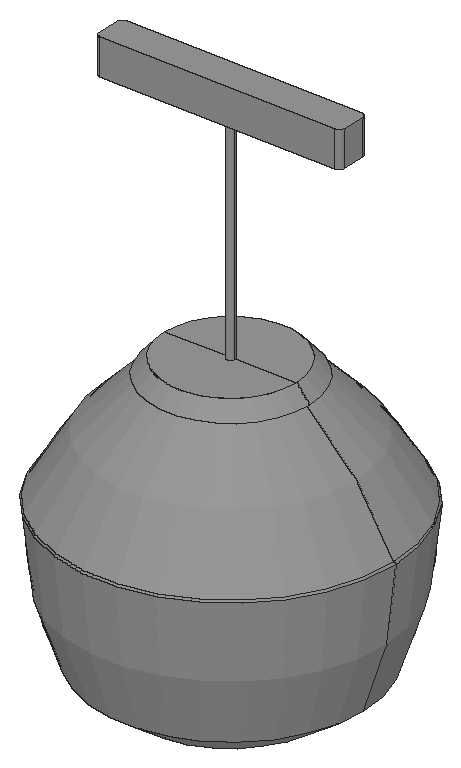
Revit family "63_UN_Pendant_GO-1M Track_Signify", category Lighting Fixtures, Revit 2019
Family settings
  Round Connector Dimension = Use Diameter
  Part Type = Normal
  OmniClass Number = 23.80.70.11
  OmniClass Title = Luminaries for Internal Lighting
  Work Plane-Based = No
  Always vertical = Yes
  Cut with Voids When Loaded = No
  Light Source = No
  Shared = No
  Room Calculation Point = Yes
Parameters (values of type "GO-1M")
  Wattage Comments = "10W"
  Voltage = 230 V
  URL = "https://www.signify.com/global/innovation/3d-printing"
  Type Comments = "GO-1M"
  Pendant_Material = UHMW, Black
  Pendant_Length [instance] = 200 mm
  Symbol_ToScale [instance] = yes
  Symbol_RealSize [instance] = not(Symbol_ToScale)  # no
  Switch Code [instance] = ""
  Model = "Pendant Canopy"
  Manufacturer = "Signify"
  Luminaire Code [instance] = ""
  Lamp = "LED"
  IfcExportType = "USERDEFINED"
  IfcExportAs = "IfcLightFixtureType"
  Housing_Material = Select RGB Value for different appearance
  Description = ""
  Content Creator® = "www.ivlibrary.com"
  Calc_Pendant_Length [instance] = if(Pendant_Length < 200 mm, 200 mm, if(Pendant_Length > 3000 mm, 3000 mm, Pendant_Length))  # 200 mm
  Assembly Code = "63.0"
  Apparent Load = 10 VA
Reference planes
  plane 1 "Center (Front/Back)": y = 0
  plane 2: z = 0
  plane 3 "Center (Left/Right)": x = 0
  plane 4: z = -200
  plane 5: z = -330
Forms (mm)
  Extrusion 1, solid, material "UHMW, Black" <- "Pendant_Material"
    sketch origin (0, 0, 0) x (1, 0, 0) y (0, 1, 0)
      loop
        circle (0, 0) r 3.848
    from -200 to 0
  Extrusion 2, solid, material "UHMW, Black" <- "Pendant_Material"
    sketch origin (0, 0, 0) x (1, 0, 0) y (0, 1, 0)
      loop
        arc (-106.872, 14.982) -> (-110.407, 13.518) -> (-111.872, 9.982) r 5
        line (-111.872, 9.982) -> (-111.872, -9.982)
        arc (-111.872, -9.982) -> (-110.407, -13.518) -> (-106.872, -14.982) r 5
        line (-106.872, -14.982) -> (106.872, -14.982)
        arc (106.872, -14.982) -> (110.407, -13.518) -> (111.872, -9.982) r 5
        line (111.872, -9.982) -> (111.872, 9.982)
        arc (111.872, 9.982) -> (110.407, 13.518) -> (106.872, 14.982) r 5
        line (106.872, 14.982) -> (-106.872, 14.982)
    from -2 to 30
Lines and regions (mm)
  symbolic lines, visible <- "Symbol_RealSize"
    curve 1: circle (0, 0, 0) r 150 normal (0, 0, 1)
    curve 2: line (-106.066, 106.066, 0) -> (0, 0, 0)
    curve 3: line (0, 0, 0) -> (-106.066, -106.066, 0)
    curve 4: line (106.066, 106.066, 0) -> (0, 0, 0)
    curve 5: line (0, 0, 0) -> (106.066, -106.066, 0)
Dimensions and locks
  "Calc_Pendant_Length": plane 2 to plane 4
  locked: plane 4 to plane 5 at 130
  Extrusion 2 sketch curve to Extrusion 2 sketch curve = 223.743 mm
  Extrusion 2 sketch curve to Extrusion 2 sketch curve = 29.965 mm
  aligned and locked: level to plane 2
  aligned and locked: plane 2 to Extrusion 1
  aligned and locked: plane 4 to Extrusion 1
  aligned and locked: nested 1 to plane 4
Automatic sketch dimensions
  plane 1 "Center (Front/Back)" to curve 2 = 0 mm
  curve 2 to plane 3 "Center (Left/Right)" = 0 mm
  plane 1 "Center (Front/Back)" to curve 1 = 0 mm
  curve 1 to plane 3 "Center (Left/Right)" = 0 mm
  curve 3 to plane 3 "Center (Left/Right)" = 106.066 mm
  curve 2 to plane 3 "Center (Left/Right)" = 106.066 mm
  plane 1 "Center (Front/Back)" to curve 5 = 106.066 mm
  plane 1 "Center (Front/Back)" to Extrusion 1 sketch curve = 0 mm
  Extrusion 1 sketch curve to plane 3 "Center (Left/Right)" = 0 mm
  plane 1 "Center (Front/Back)" to Extrusion 2 sketch curve = 9.982 mm
  Extrusion 2 sketch curve to plane 3 "Center (Left/Right)" = 111.872 mm
  Extrusion 2 sketch curve to Extrusion 2 sketch curve = 5 mm  (x4)
  radius of Extrusion 1 sketch curve = 3.848 mm
Nested families
  nested 1: "GO-1L" at (0, 0, -200), Housing_Material <- "Housing_Material", type "Geometry"
    with Housing_Material Select RGB Value for different appearance
  nested 2: "Ø300 Symbol_Signify" at (0, 0, 0), visible <- "Symbol_ToScale", type "Ø400 Symbol_Signify"
Connectors
  electrical at (0, 0, 0), driven by "Apparent Load", driven by "Voltage"
    settings: index 1, voltage 230 V, apparent load 0 VA, apparent load phase1 10 VA, apparent load phase2 0 VA, apparent load phase3 0 VA, power factor 1, load classification "Other", number of poles 1, system type 31, power factor state 1, is connector primary yes, connector utility no, sub classification motor no, connector description ""
Definition of nested family "GO-1L"
  Parameters (values of type "Geometry")
    URL = "Signify.com"
    Type Comments = ""
    Model = "Geometry"
    Manufacturer = "Signify"
    Lamp = "LED"
    Housing_Material [instance] = none
    Assembly Code = "63.xx"
    Apparent Load = 41 VA
  Reference planes
    plane 1 "Center (Front/Back)": y = 0
    plane 2: z = 0
    plane 3 "Center (Left/Right)": x = 0
    plane 4: z = 0
  Forms (mm)
    Revolve 1, solid, material <- "Housing_Material"
      sketch origin (0, 0, 20.589) x (1, 0, 0) y (0, 0, 1)
        loop
          line (0, -324.269) -> (0, -323.298) -> (-2.304, -323.298)
          spline (-2.304, -323.298) -> (-13.758, -320.3) -> (-24.913, -316.977) -> (-35.77, -313.33) -> (-46.328, -309.359) -> (-56.589, -305.063) -> (-66.552, -300.444) -> (-76.216, -295.5) -> (-85.584, -290.232) -> (-94.654, -284.64) -> (-103.426, -278.724) -> (-111.902, -272.484) -> (-120.081, -265.92)
          spline (-120.081, -265.92) -> (-124.46, -256.299) -> (-128.477, -246.475) -> (-132.132, -236.45) -> (-135.425, -226.223) -> (-138.356, -215.793) -> (-140.924, -205.161) -> (-143.13, -194.326) -> (-144.973, -183.289) -> (-146.454, -172.048) -> (-147.573, -160.605) -> (-148.328, -148.959) -> (-148.721, -137.11)
          line (-148.721, -137.11) -> (-147.87, -135.401)
          spline (-147.87, -135.401) -> (-143.047, -126.131) -> (-137.914, -117.055) -> (-132.472, -108.173) -> (-126.719, -99.485) -> (-120.656, -90.992) -> (-114.284, -82.692) -> (-107.601, -74.586) -> (-100.607, -66.674) -> (-93.304, -58.956) -> (-85.69, -51.431) -> (-77.765, -44.1) -> (-69.529, -36.962)
          line (-69.529, -36.962) -> (-66.35, -34.295) -> (-68.449, -34.295)
          spline (-68.449, -34.295) -> (-76.885, -41.588) -> (-85.005, -49.08) -> (-92.808, -56.771) -> (-100.293, -64.662) -> (-107.462, -72.751) -> (-114.313, -81.04) -> (-120.848, -89.528) -> (-127.065, -98.215) -> (-132.966, -107.101) -> (-138.549, -116.187) -> (-143.816, -125.471) -> (-148.765, -134.955)
          line (-148.765, -134.955) -> (-149.76, -136.952)
          spline (-149.76, -136.952) -> (-149.365, -148.869) -> (-148.603, -160.582) -> (-147.477, -172.093) -> (-145.985, -183.4) -> (-144.127, -194.504) -> (-141.904, -205.406) -> (-139.315, -216.104) -> (-136.361, -226.599) -> (-133.041, -236.89) -> (-129.356, -246.979) -> (-125.305, -256.865) -> (-120.889, -266.547)
          spline (-120.889, -266.547) -> (-112.669, -273.156) -> (-104.151, -279.437) -> (-95.334, -285.391) -> (-86.218, -291.019) -> (-76.804, -296.32) -> (-67.091, -301.293) -> (-57.079, -305.94) -> (-46.769, -310.26) -> (-36.16, -314.252) -> (-25.253, -317.918) -> (-14.046, -321.257) -> (-2.541, -324.269)
          line (-2.541, -324.269) -> (0, -324.269)
        axis (0, -34.295) -> (0, -324.269)
      angle from 0 to 360
    Revolve 2, solid
      sketch origin (0, 0, 0) x (1, 0, 0) y (0, 0, 1)
        loop
          line (0, -13.706) -> (0, 0) -> (-59.65, 0) -> (-71.565, -13.706) -> (0, -13.706)
        axis (0, 0) -> (0, -13.706)
      angle from 0 to 360
  Lines and regions (mm)
    reference lines
      curve 1: line (-173.969, 0, 0) -> (173.969, 0, 0)
  Dimensions and locks
    aligned and locked: level to plane 2
Definition of nested family "Ø300 Symbol_Signify"
  Reference planes
    plane 1: y = 0
    plane 2: x = 0
  Lines and regions (mm)
    detail lines
      curve 1: circle (0, 0, 0) r 1.5 normal (0, 0, 1)
      curve 2: line (0, 0, 0) -> (-1.061, -1.061, 0)
      curve 3: line (-1.061, 1.061, 0) -> (0, 0, 0)
      curve 4: line (0, 0, 0) -> (1.061, -1.061, 0)
      curve 5: line (1.061, 1.061, 0) -> (0, 0, 0)
